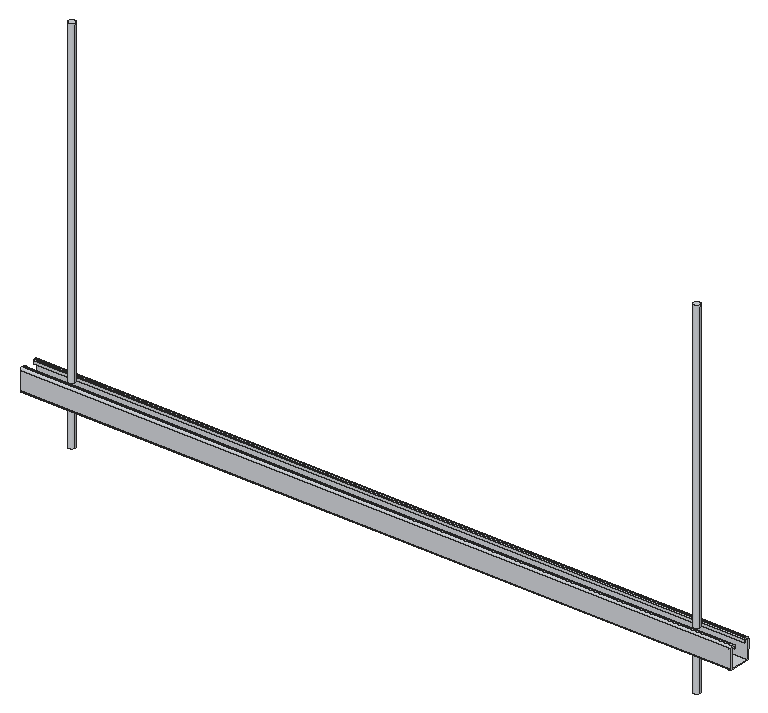
Revit family "Strut Hanger", category Generic Models, Revit 2018
Family settings
  Can host rebar = No
  Round Connector Dimension = Use Diameter
  Part Type = Normal
  Work Plane-Based = Yes
  Always vertical = Yes
  Cut with Voids When Loaded = No
  Shared = Yes
  Room Calculation Point = No
Parameters (values of type "1-5/8" Strut w/ 1/2" Rod")
  Y Origin [instance] = 0' - 4"
  Third Tier Offset [instance] = 0' - 6"
  Second Tier Offset [instance] = 0' - 4.7863"
  Rod 2 Length [instance] = 1' - 9.91542"
  Rod 1 Length [instance] = 2' - 0.41542"
  Length [instance] = 4' - 0"
  Inside Rod Gap [instance] = 0' - 3"
  Fourth Tier Offset [instance] = 0' - 6"
  Extra Outside Strut Length [instance] = 0' - 3"
  Extra Bottom Rod Length [instance] = 0' - 3"
  Default Elevation = 4' - 0"
  (4) 1-5/8" Strut = no
  (3) 1-5/8" Strut = no
  (2) 1-5/8" Strut = no
Types (4): name | Y Origin | Extra Bottom Rod Length | (4) 1-5/8" Strut | (3) 1-5/8" Strut | (2) 1-5/8" Strut
  1-5/8" Strut w/ 1/2" Rod | 0' - 4" | 0' - 3" | no | no | no
  (2) 1-5/8" Strut w/ 1/2" Rod | 0' - 3.02902" | 0' - 4" | no | no | yes
  (3) 1-5/8" Strut w/ 1/2" Rod | 0' - 3.02902" | 0' - 4" | no | yes | yes
  (4) 1-5/8" Strut w/ 1/2" Rod | 0' - 3.02902" | 0' - 4" | yes | yes | yes
Reference planes (in)
  plane 1 "Center (Front/Back)": y = 0
  plane 2: z = 0
  plane 3 "Center (Left/Right)": x = 0
  plane 4: x = -24
  plane 5: x = 24
  plane 6: x = -27
  plane 7: x = 27
  plane 8 "X-Origin": x = -20.5
  plane 9: x = -23.5
  plane 10: z = -4
  plane 11: z = 17.91542
  plane 12: z = 20.41542
  plane 13: z = -5.4637
  plane 14: z = -8.4637
  plane 15: z = 0.7863
  plane 16: z = 6.7863
  plane 17: z = 12.7863
  plane 18: x = -23.75
  plane 19: x = 23.75
Forms (in)
  Extrusion 1, solid
    sketch origin (-23.75, 12.68181, 0) x (1, 0, 0) y (0, 1, 0)
      loop
        circle (0, -12.68181) r 0.25
    from -4 to 20.41542
  Extrusion 2, solid
    sketch origin (23.75, 12.68181, 0) x (-1, 0, 0) y (0, -1, 0)
      loop
        circle (0, 12.68181) r 0.25
    from -4 to 17.91542
  Extrusion 3, solid
    sketch origin (-23.75, 12.68181, -36) x (1, 0, 0) y (0, 1, 0)
      loop
        circle (0, -12.68181) r 0.25
    from 27.5363 to 30.5363
  Extrusion 4, solid
    sketch origin (23.75, 12.68181, -36) x (-1, 0, 0) y (0, -1, 0)
      loop
        circle (0, 12.68181) r 0.25
    from 27.5363 to 30.5363
Dimensions and locks (in)
  "Extra Outside Strut Length": plane 6 to plane 4
  "Extra Outside Strut Length": plane 5 to plane 7
  equal spacing: plane 6, plane 3 "Center (Left/Right)", plane 7
  "Length": plane 4 to plane 5
  "Inside Rod Gap": plane 9 to plane 8 "X-Origin"
  "Rod 1 Length": plane 12 to plane 10
  "Rod 2 Length": plane 11 to plane 10
  "Y Origin": plane 2 to plane 10
  locked: plane 4 to plane 9 at 0.5
  "Extra Bottom Rod Length": plane 13 to plane 14
  "Second Tier Offset": plane 15 to plane 10
  "Third Tier Offset": plane 16 to plane 15
  "Fourth Tier Offset": plane 17 to plane 16
  locked: plane 10 to plane 13 at 1.4637
  equal spacing: plane 4, plane 18, plane 9, locked at 0.25 each
  locked: plane 19 to plane 5 at 0.25
  aligned and locked: plane 2 to level
  aligned and locked: plane 4 to Extrusion 1
  aligned and locked: plane 5 to Extrusion 2
  aligned and locked: plane 9 to Extrusion 1
  aligned and locked: Extrusion 1 to plane 10
  aligned and locked: Extrusion 2 to plane 10
  aligned and locked: plane 11 to Extrusion 2
  aligned and locked: plane 12 to Extrusion 1
  aligned and locked: plane 1 "Center (Front/Back)" to nested 1
  aligned and locked: plane 6 to nested 1
  aligned and locked: nested 1 to plane 7
  aligned and locked: nested 1 to plane 10
  aligned and locked: plane 13 to nested 1
  aligned and locked: Extrusion 4 to plane 13
  aligned and locked: Extrusion 3 to plane 13
  aligned and locked: plane 14 to Extrusion 4
  aligned and locked: plane 14 to Extrusion 3
  aligned and locked: plane 15 to nested 2
  aligned and locked: plane 16 to nested 3
  aligned and locked: plane 17 to nested 4
  aligned and locked: nested 2 to plane 7
  aligned and locked: plane 6 to nested 2
  aligned and locked: nested 3 to plane 7
  aligned and locked: plane 6 to nested 3
  aligned and locked: nested 4 to plane 7
  aligned and locked: plane 6 to nested 4
  aligned and locked: plane 1 "Center (Front/Back)" to nested 5
  aligned and locked: nested 5 to plane 18
  aligned and locked: nested 6 to plane 19
  aligned and locked: plane 1 "Center (Front/Back)" to nested 6
Automatic sketch dimensions
  plane 1 "Center (Front/Back)" to Extrusion 1 sketch curve = 0' - 0"
  plane 4 to Extrusion 1 sketch curve = 0' - 0 1/4"
  plane 1 "Center (Front/Back)" to Extrusion 2 sketch curve = 0' - 0"
  plane 5 to Extrusion 2 sketch curve = 0' - 0 1/4"
  plane 1 "Center (Front/Back)" to Extrusion 3 sketch curve = 0' - 0"
  plane 4 to Extrusion 3 sketch curve = 0' - 0 1/4"
  plane 1 "Center (Front/Back)" to Extrusion 4 sketch curve = 0' - 0"
  plane 5 to Extrusion 4 sketch curve = 0' - 0 1/4"
  radius of Extrusion 1 sketch curve = 0' - 0 1/4"
  radius of Extrusion 2 sketch curve = 0' - 0 1/4"
  radius of Extrusion 3 sketch curve = 0' - 0 1/4"
  radius of Extrusion 4 sketch curve = 0' - 0 1/4"
Nested families (in)
  nested 1: "'17 - 1.625 Inch Unistrut Facing Up" at (0, 0, -5.5262), type "'17 - 1.625 Inch Unistrut Facing Up"
    with Length 4' - 6"
  nested 2: "'17 - 1.625 Inch Unistrut Facing Up" at (0, 0, 0.7238), visible <- "(2) 1-5/8" Strut", type "'17 - 1.625 Inch Unistrut Facing Up"
    with Length 4' - 6"
  nested 3: "'17 - 1.625 Inch Unistrut Facing Up" at (0, 0, 6.7238), visible <- "(3) 1-5/8" Strut", type "'17 - 1.625 Inch Unistrut Facing Up"
    with Length 4' - 6"
  nested 4: "'17 - 1.625 Inch Unistrut Facing Up" at (0, 0, 12.7238), visible <- "(4) 1-5/8" Strut", type "'17 - 1.625 Inch Unistrut Facing Up"
    with Length 4' - 6"
  nested 5: "Hanger_Anchor_Pt_Generic_Base_Family" at (-23.75, 0, 0), type "Hanger_Anchor_Pt_Generic_Base_Family"
    with Radius 0' - 0 11/32"
  nested 6: "Hanger_Anchor_Pt_Generic_Base_Family" at (23.75, 0, 0), type "Hanger_Anchor_Pt_Generic_Base_Family"
    with Radius 0' - 0 11/32"
Definition of nested family "'17 - 1.625 Inch Unistrut Facing Up"
  Parameters (values of type "'17 - 1.625 Inch Unistrut Facing Up")
    Length [instance] = 6' - 0"
  Reference planes (in)
    plane 1 "Center (Front/Back)": y = 0
    plane 2: z = 0
    plane 3 "Center (Left/Right)": x = 0
    plane 4: x = -36
    plane 5: x = 36
  Forms (in)
    Extrusion 1, solid
      sketch origin (0, 0, 0) x (0, 1, 0) y (0, 0, 1)
        loop
          arc (-0.8125, 0.03125) -> (-0.80335, 0.00915) -> (-0.78125, 0) r 0.03125
          line (-0.78125, 0) -> (0.78125, 0)
          arc (0.78125, 0) -> (0.80335, 0.00915) -> (0.8125, 0.03125) r 0.03125
          line (0.8125, 0.03125) -> (0.8125, 1.44442)
          arc (0.8125, 1.44442) -> (0.75715, 1.57458) -> (0.625, 1.625) r 0.1807
          arc (0.625, 1.625) -> (0.56959, 1.61962) -> (0.5152, 1.60774) r 0.47073
          arc (0.5152, 1.60774) -> (0.46967, 1.58399) -> (0.4375, 1.54396) r 0.12524
          line (0.4375, 1.54396) -> (0.4375, 1.34375) -> (0.5, 1.34375) -> (0.5, 1.5262)
          arc (0.5, 1.5262) -> (0.51438, 1.53942) -> (0.53213, 1.54757) r 0.06274
          arc (0.53213, 1.54757) -> (0.5793, 1.55788) -> (0.62735, 1.56254) r 0.40823
          arc (0.62735, 1.56254) -> (0.71379, 1.52956) -> (0.75, 1.44442) r 0.1182
          line (0.75, 1.44442) -> (0.75, 0.0625) -> (-0.75, 0.0625) -> (-0.75, 1.44442)
          arc (-0.75, 1.44442) -> (-0.71379, 1.52956) -> (-0.62735, 1.56254) r 0.1182
          arc (-0.62735, 1.56254) -> (-0.5793, 1.55788) -> (-0.53213, 1.54757) r 0.40823
          arc (-0.53213, 1.54757) -> (-0.51438, 1.53942) -> (-0.5, 1.5262) r 0.06274
          line (-0.5, 1.5262) -> (-0.5, 1.34375) -> (-0.4375, 1.34375) -> (-0.4375, 1.54396)
          arc (-0.4375, 1.54396) -> (-0.46967, 1.58399) -> (-0.5152, 1.60774) r 0.12524
          arc (-0.5152, 1.60774) -> (-0.56959, 1.61962) -> (-0.625, 1.625) r 0.47073
          arc (-0.625, 1.625) -> (-0.75715, 1.57458) -> (-0.8125, 1.44442) r 0.1807
          line (-0.8125, 1.44442) -> (-0.8125, 0.03125)
      from -36 to 36
  Dimensions and locks (in)
    equal spacing: plane 4, plane 3 "Center (Left/Right)", plane 5
    "Length": plane 4 to plane 5
    aligned and locked: level to plane 2
    aligned and locked: Extrusion 1 to plane 4
    aligned and locked: plane 5 to Extrusion 1
  Automatic sketch dimensions
    Extrusion 1 sketch curve to Extrusion 1 sketch curve = 0' - 0"  (x16)
    Extrusion 1 sketch curve to level = 0' - 0"
    plane 1 "Center (Front/Back)" to Extrusion 1 sketch curve = 0' - 0 13/16"
    level to Extrusion 1 sketch curve = 0' - 0 1/32"
    Extrusion 1 sketch curve to Extrusion 1 sketch curve = 0' - 0 1/32"  (x2)
    Extrusion 1 sketch curve to Extrusion 1 sketch curve = 0' - 0.10729"
    Extrusion 1 sketch curve to Extrusion 1 sketch curve = 0' - 0.1182"
    Extrusion 1 sketch curve to Extrusion 1 sketch curve = 0' - 0.08267"  (x2)
    Extrusion 1 sketch curve to Extrusion 1 sketch curve = 0' - 0.04913"  (x2)
    Extrusion 1 sketch curve to Extrusion 1 sketch curve = 0' - 0 1/16"  (x3)
    Extrusion 1 sketch curve to plane 1 "Center (Front/Back)" = 0' - 0 7/16"
    Extrusion 1 sketch curve to Extrusion 1 sketch curve = 0' - 0.14271"
    level to Extrusion 1 sketch curve = 0' - 0 1/16"
    Extrusion 1 sketch curve to plane 1 "Center (Front/Back)" = 0' - 0 3/4"
    Extrusion 1 sketch curve to Extrusion 1 sketch curve = 0' - 1.0921"  (x2)
    Extrusion 1 sketch curve to Extrusion 1 sketch curve = 0' - 0.18915"  (x2)
    Extrusion 1 sketch curve to Extrusion 1 sketch curve = 0' - 0.10067"  (x2)
    Extrusion 1 sketch curve to Extrusion 1 sketch curve = 0' - 0.04275"  (x2)
    Extrusion 1 sketch curve to Extrusion 1 sketch curve = 0' - 0.03902"  (x2)
    Extrusion 1 sketch curve to Extrusion 1 sketch curve = 0' - 0.01776"  (x2)
Definition of nested family "Hanger_Anchor_Pt_Generic_Base_Family"
  Parameters (values of type "Hanger_Anchor_Pt_Generic_Base_Family")
    Radius [instance] = 0' - 0 11/32"  # constant formula
  Reference planes (in)
    plane 1 "Center (Front/Back)": y = 0
    plane 2: z = 0
    plane 3 "Center (Left/Right)": x = 0
  Forms (in)
    Revolve 1, solid, not visible
      sketch origin (0, 0, 0) x (1, 0, 0) y (0, 0, 1)
        loop
          arc (0, 0.34375) -> (-0.34375, 0) -> (0, -0.34375) r 0.34375
          line (0, -0.34375) -> (0, 0.34375)
        axis (0, -0.34375) -> (0, 0.34375)
      angle from 0 to 360
  Lines and regions (in)
    symbolic lines
      curve 1: line (-3.00347, 0, 0) -> (2.99653, 0, 0)
      curve 2: line (0, 3, 0) -> (0, -3, 0)
      curve 3: circle (-0.00347, 0, 0) r 3 normal (0, 0, 1)
  Dimensions and locks (in)
    "Radius": radius of Revolve 1 sketch curve
    aligned and locked: plane 2 to level
  Automatic sketch dimensions
    plane 1 "Center (Front/Back)" to curve 1 = 0' - 0"
    plane 1 "Center (Front/Back)" to curve 3 = 0' - 0"
    curve 2 to plane 3 "Center (Left/Right)" = 0' - 0"
    curve 3 to plane 3 "Center (Left/Right)" = 0' - 0.00347"
    plane 1 "Center (Front/Back)" to curve 2 = 0' - 3"
    Revolve 1 sketch curve to plane 3 "Center (Left/Right)" = 0' - 0"
    plane 3 "Center (Left/Right)" to Revolve 1 sketch curve = 0' - 0"
    Revolve 1 sketch curve to level = 0' - 0"
    Revolve 1 sketch curve to Revolve 1 sketch curve = 1' - 11.6574"
    Revolve 1 sketch curve to Revolve 1 sketch curve = 8' - 6.37622"
